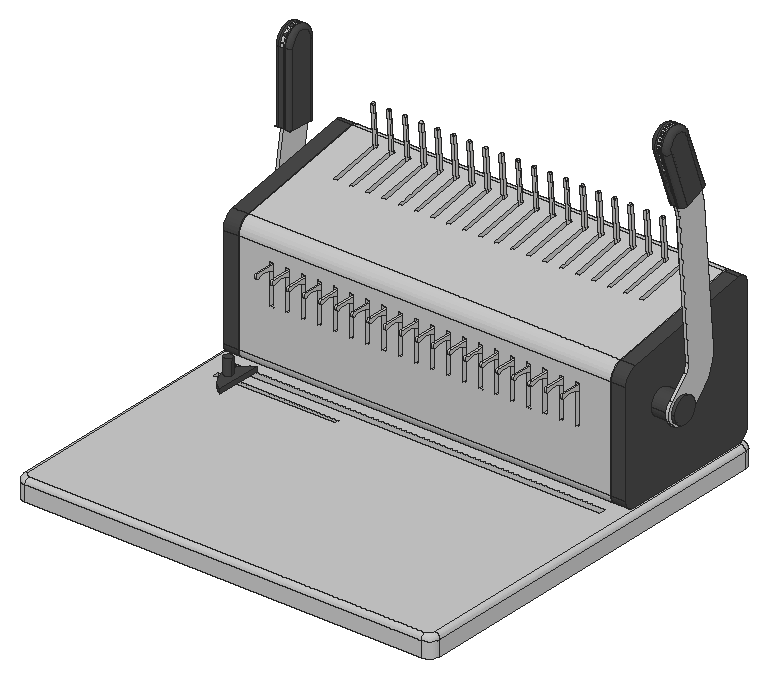
Revit family "Брошюровщик", category Оборудование, Revit 2017
Family settings
  Размер круглого соединителя = Использовать диаметр
  Тип детали = Нормальный
  На основе рабочей плоскости = Нет
  Всегда вертикально = Да
  При загрузке вырезать с полостями = Нет
  Общий = Нет
  Точка расчета площади = Нет
Parameters (values of type "Тип")
  Ширина = 400.0 mm
  Примечание = ""
  Обозначение = "B2125"
  Наименование = "Брошюровщик"
  Масса = "6"
  Код оборудования = ""
  Keynote = ""
  Изготовитель = "Severin"
  Завод = "Office Kit"
  Единицы = "шт."
  Model = ""
  Глубина = 440.0 mm
  Высота = 400.0 mm
Reference planes
  plane 1 "По центру (Вперед/Назад)": y = 0
  plane 2: z = 0
  plane 3 "По центру (Влево/Вправо)": x = 0
  plane 4: x = -207
  plane 5: x = 207
  plane 6: y = 200
  plane 7: y = -200
  plane 8: through (0, 180, 171.473) normal (0, 0.9962, 0.0872)
  plane 9: y = 50
  plane 10: through (4267.2, 82.903, 116.213) normal (0, -0.7071, 0.7071)
  plane 11: through (4267.2, 104.116, 95) normal (0, -0.7071, 0.7071)
  plane 12: z = 350
  plane 13: through (4267.2, 103.696, 137.006) normal (0, -0.9962, -0.0872)
  plane 14: through (4267.2, 133.581, 139.62) normal (0, -0.9962, -0.0872)
  plane 15: through (4267.2, 91.094, 281.043) normal (0, -0.9397, -0.342)
  plane 16: through (4267.2, 119.285, 291.304) normal (0, -0.9397, -0.342)
  plane 17: through (0, 126.373, 95.361) normal (0, -0.1736, -0.9848)
  plane 18: through (0, 126.373, 95.361) normal (0, 0.9848, -0.1736)
  plane 19: through (0, 155.917, 90.152) normal (0, 0.9848, -0.1736)
Forms (mm)
  Extrusion 1, solid, material "Металл окрашенный светло-серый"
    sketch origin (0, 0, 0) x (1, 0, 0) y (0, 1, 0)
      loop
        arc (-197, 200) -> (-204.071, 197.071) -> (-207, 190) r 10
        line (-207, 190) -> (-207, -190)
        arc (-207, -190) -> (-204.071, -197.071) -> (-197, -200) r 10
        line (-197, -200) -> (197, -200)
        arc (197, -200) -> (204.071, -197.071) -> (207, -190) r 10
        line (207, -190) -> (207, 190)
        arc (207, 190) -> (204.071, 197.071) -> (197, 200) r 10
        line (197, 200) -> (-197, 200)
    from 5 to 25
  Sweep 2, void
    path in 3D
      loop
        arc (207, 190, 25) -> (204.071, 197.071, 25) -> (197, 200, 25) r 10
        line (197, 200, 25) -> (-197, 200, 25)
        arc (-197, 200, 25) -> (-204.071, 197.071, 25) -> (-207, 190, 25) r 10
        line (-207, 190, 25) -> (-207, -190, 25)
        arc (-207, -190, 25) -> (-204.071, -197.071, 25) -> (-197, -200, 25) r 10
        line (-197, -200, 25) -> (197, -200, 25)
        arc (197, -200, 25) -> (204.071, -197.071, 25) -> (207, -190, 25) r 10
        line (207, -190, 25) -> (207, 190, 25)
    profile origin (207, 0, 25) x (-1, 0, 0) y (0, 0, 1)
      loop
        line (0, 0) -> (0, -5)
        arc (0, -5) -> (1.464, -1.464) -> (5, 0) r 5
        line (5, 0) -> (0, 0)
  Extrusion 3, solid
    sketch origin (0, 0, 0) x (1, 0, 0) y (0, 1, 0)
      loop
        circle (-182, 180) r 7.5
      loop
        circle (182, 180) r 7.5
      loop
        circle (-182, -180) r 7.5
      loop
        circle (182, -180) r 7.5
    from 0 to 5
  Extrusion 4, solid, material "Металл окрашенный светло-серый"
    sketch origin (0, 0, 0) x (0, 1, 0) y (0, 0, 1)
      loop
        line (200, 35) -> (200, 165.466)
        arc (200, 165.466) -> (197.142, 171.594) -> (190.611, 173.344) r 8
        line (190.611, 173.344) -> (62.395, 150.737)
        arc (62.395, 150.737) -> (53.509, 145.606) -> (50, 135.964) r 15
        line (50, 135.964) -> (50, 35)
        arc (50, 35) -> (52.929, 27.929) -> (60, 25) r 10
        line (60, 25) -> (190, 25)
        arc (190, 25) -> (197.071, 27.929) -> (200, 35) r 10
    from -185 to 185
  Extrusion 5, solid, material "Пластмасса, непрозрачная, черная"
    sketch origin (0, 0, 0) x (0, 1, 0) y (0, 0, 1)
      loop
        arc (62.395, 150.737) -> (53.509, 145.606) -> (50, 135.964) r 15
        line (50, 135.964) -> (50, 35)
        arc (50, 35) -> (52.929, 27.929) -> (60, 25) r 10
        line (60, 25) -> (190, 25)
        arc (190, 25) -> (197.071, 27.929) -> (200, 35) r 10
        line (200, 35) -> (200, 165.466)
        arc (200, 165.466) -> (197.142, 171.594) -> (190.611, 173.344) r 8
        line (190.611, 173.344) -> (62.395, 150.737)
    from 185 to 200
  Extrusion 6, solid, material "Пластмасса, непрозрачная, черная"
    sketch origin (0, 0, 0) x (0, 1, 0) y (0, 0, 1)
      loop
        arc (62.395, 150.737) -> (53.509, 145.606) -> (50, 135.964) r 15
        line (50, 135.964) -> (50, 35)
        arc (50, 35) -> (52.929, 27.929) -> (60, 25) r 10
        line (60, 25) -> (190, 25)
        arc (190, 25) -> (197.071, 27.929) -> (200, 35) r 10
        line (200, 35) -> (200, 165.466)
        arc (200, 165.466) -> (197.142, 171.594) -> (190.611, 173.344) r 8
        line (190.611, 173.344) -> (62.395, 150.737)
    from -185 to -200
  Extrusion 7, void
    sketch origin (0, 0, 0) x (1, 0, 0) y (0, 1, 0)
      loop
        line (6, 180) -> (6, 130) -> (10, 130) -> (10, 180) -> (6, 180)
      loop
        line (22, 180) -> (22, 130) -> (26, 130) -> (26, 180) -> (22, 180)
      loop
        line (38, 180) -> (38, 130) -> (42, 130) -> (42, 180) -> (38, 180)
      loop
        line (54, 180) -> (54, 130) -> (58, 130) -> (58, 180) -> (54, 180)
      loop
        line (70, 180) -> (70, 130) -> (74, 130) -> (74, 180) -> (70, 180)
      loop
        line (86, 180) -> (86, 130) -> (90, 130) -> (90, 180) -> (86, 180)
      loop
        line (102, 180) -> (102, 130) -> (106, 130) -> (106, 180) -> (102, 180)
      loop
        line (118, 180) -> (118, 130) -> (122, 130) -> (122, 180) -> (118, 180)
      loop
        line (134, 180) -> (134, 130) -> (138, 130) -> (138, 180) -> (134, 180)
      loop
        line (150, 180) -> (150, 130) -> (154, 130) -> (154, 180) -> (150, 180)
      loop
        line (-6, 180) -> (-10, 180) -> (-10, 130) -> (-6, 130) -> (-6, 180)
      loop
        line (-22, 180) -> (-26, 180) -> (-26, 130) -> (-22, 130) -> (-22, 180)
      loop
        line (-38, 180) -> (-42, 180) -> (-42, 130) -> (-38, 130) -> (-38, 180)
      loop
        line (-54, 180) -> (-58, 180) -> (-58, 130) -> (-54, 130) -> (-54, 180)
      loop
        line (-70, 180) -> (-74, 180) -> (-74, 130) -> (-70, 130) -> (-70, 180)
      loop
        line (-86, 180) -> (-90, 180) -> (-90, 130) -> (-86, 130) -> (-86, 180)
      loop
        line (-102, 180) -> (-106, 180) -> (-106, 130) -> (-102, 130) -> (-102, 180)
      loop
        line (-118, 180) -> (-122, 180) -> (-122, 130) -> (-118, 130) -> (-118, 180)
      loop
        line (-134, 180) -> (-138, 180) -> (-138, 130) -> (-134, 130) -> (-134, 180)
      loop
        line (-150, 180) -> (-154, 180) -> (-154, 130) -> (-150, 130) -> (-150, 180)
    from 100 to 200
  Extrusion 8, solid, material "Сталь, нержавеющая, шлифованная"
    sketch origin (0, 180, 171.473) x (0, 0.087156, -0.996195) y (-1, 0, 0)
      loop
        line (5.06, 153.5) -> (-38.5, 153.5)
        arc (-38.5, 153.5) -> (-39.991, 152.009) -> (-38.5, 150.518) r 1.491
        line (-38.5, 150.518) -> (5.06, 150.518) -> (5.06, 153.5)
      loop
        line (5.06, 137.5) -> (-38.5, 137.5)
        arc (-38.5, 137.5) -> (-39.991, 136.009) -> (-38.5, 134.518) r 1.491
        line (-38.5, 134.518) -> (5.06, 134.518) -> (5.06, 137.5)
      loop
        line (5.06, 121.5) -> (-38.5, 121.5)
        arc (-38.5, 121.5) -> (-39.991, 120.009) -> (-38.5, 118.518) r 1.491
        line (-38.5, 118.518) -> (5.06, 118.518) -> (5.06, 121.5)
      loop
        line (5.06, 105.5) -> (-38.5, 105.5)
        arc (-38.5, 105.5) -> (-39.991, 104.009) -> (-38.5, 102.518) r 1.491
        line (-38.5, 102.518) -> (5.06, 102.518) -> (5.06, 105.5)
      loop
        line (5.06, 89.5) -> (-38.5, 89.5)
        arc (-38.5, 89.5) -> (-39.991, 88.009) -> (-38.5, 86.518) r 1.491
        line (-38.5, 86.518) -> (5.06, 86.518) -> (5.06, 89.5)
      loop
        line (5.06, 73.5) -> (-38.5, 73.5)
        arc (-38.5, 73.5) -> (-39.991, 72.009) -> (-38.5, 70.518) r 1.491
        line (-38.5, 70.518) -> (5.06, 70.518) -> (5.06, 73.5)
      loop
        line (5.06, 57.5) -> (-38.5, 57.5)
        arc (-38.5, 57.5) -> (-39.991, 56.009) -> (-38.5, 54.518) r 1.491
        line (-38.5, 54.518) -> (5.06, 54.518) -> (5.06, 57.5)
      loop
        line (5.06, 41.5) -> (-38.5, 41.5)
        arc (-38.5, 41.5) -> (-39.991, 40.009) -> (-38.5, 38.518) r 1.491
        line (-38.5, 38.518) -> (5.06, 38.518) -> (5.06, 41.5)
      loop
        line (5.06, 25.5) -> (-38.5, 25.5)
        arc (-38.5, 25.5) -> (-39.991, 24.009) -> (-38.5, 22.518) r 1.491
        line (-38.5, 22.518) -> (5.06, 22.518) -> (5.06, 25.5)
      loop
        line (5.06, 9.5) -> (-38.5, 9.5)
        arc (-38.5, 9.5) -> (-39.991, 8.009) -> (-38.5, 6.518) r 1.491
        line (-38.5, 6.518) -> (5.06, 6.518) -> (5.06, 9.5)
      loop
        line (5.06, -6.5) -> (-38.5, -6.5)
        arc (-38.5, -6.5) -> (-39.991, -7.991) -> (-38.5, -9.482) r 1.491
        line (-38.5, -9.482) -> (5.06, -9.482) -> (5.06, -6.5)
      loop
        line (5.06, -22.5) -> (-38.5, -22.5)
        arc (-38.5, -22.5) -> (-39.991, -23.991) -> (-38.5, -25.482) r 1.491
        line (-38.5, -25.482) -> (5.06, -25.482) -> (5.06, -22.5)
      loop
        line (5.06, -38.5) -> (-38.5, -38.5)
        arc (-38.5, -38.5) -> (-39.991, -39.991) -> (-38.5, -41.482) r 1.491
        line (-38.5, -41.482) -> (5.06, -41.482) -> (5.06, -38.5)
      loop
        line (5.06, -54.5) -> (-38.5, -54.5)
        arc (-38.5, -54.5) -> (-39.991, -55.991) -> (-38.5, -57.482) r 1.491
        line (-38.5, -57.482) -> (5.06, -57.482) -> (5.06, -54.5)
      loop
        line (5.06, -70.5) -> (-38.5, -70.5)
        arc (-38.5, -70.5) -> (-39.991, -71.991) -> (-38.5, -73.482) r 1.491
        line (-38.5, -73.482) -> (5.06, -73.482) -> (5.06, -70.5)
      loop
        line (5.06, -86.5) -> (-38.5, -86.5)
        arc (-38.5, -86.5) -> (-39.991, -87.991) -> (-38.5, -89.482) r 1.491
        line (-38.5, -89.482) -> (5.06, -89.482) -> (5.06, -86.5)
      loop
        line (5.06, -102.5) -> (-38.5, -102.5)
        arc (-38.5, -102.5) -> (-39.991, -103.991) -> (-38.5, -105.482) r 1.491
        line (-38.5, -105.482) -> (5.06, -105.482) -> (5.06, -102.5)
      loop
        line (5.06, -118.5) -> (-38.5, -118.5)
        arc (-38.5, -118.5) -> (-39.991, -119.991) -> (-38.5, -121.482) r 1.491
        line (-38.5, -121.482) -> (5.06, -121.482) -> (5.06, -118.5)
      loop
        line (5.06, -134.5) -> (-38.5, -134.5)
        arc (-38.5, -134.5) -> (-39.991, -135.991) -> (-38.5, -137.482) r 1.491
        line (-38.5, -137.482) -> (5.06, -137.482) -> (5.06, -134.5)
      loop
        line (5.06, -150.5) -> (-38.5, -150.5)
        arc (-38.5, -150.5) -> (-39.991, -151.991) -> (-38.5, -153.482) r 1.491
        line (-38.5, -153.482) -> (5.06, -153.482) -> (5.06, -150.5)
    from 0 to -2
  Extrusion 9, void
    sketch origin (-462, 50, 1200) x (1, 0, 0) y (0, 0, 1)
      loop
        line (468, -1115) -> (472, -1115) -> (472, -1075) -> (468, -1075) -> (468, -1115)
      loop
        line (484, -1115) -> (488, -1115) -> (488, -1075) -> (484, -1075) -> (484, -1115)
      loop
        line (500, -1115) -> (504, -1115) -> (504, -1075) -> (500, -1075) -> (500, -1115)
      loop
        line (516, -1115) -> (520, -1115) -> (520, -1075) -> (516, -1075) -> (516, -1115)
      loop
        line (532, -1115) -> (536, -1115) -> (536, -1075) -> (532, -1075) -> (532, -1115)
      loop
        line (548, -1115) -> (552, -1115) -> (552, -1075) -> (548, -1075) -> (548, -1115)
      loop
        line (564, -1115) -> (568, -1115) -> (568, -1075) -> (564, -1075) -> (564, -1115)
      loop
        line (580, -1115) -> (584, -1115) -> (584, -1075) -> (580, -1075) -> (580, -1115)
      loop
        line (596, -1115) -> (600, -1115) -> (600, -1075) -> (596, -1075) -> (596, -1115)
      loop
        line (612, -1115) -> (616, -1115) -> (616, -1075) -> (612, -1075) -> (612, -1115)
      loop
        line (456, -1115) -> (456, -1075) -> (452, -1075) -> (452, -1115) -> (456, -1115)
      loop
        line (440, -1115) -> (440, -1075) -> (436, -1075) -> (436, -1115) -> (440, -1115)
      loop
        line (424, -1115) -> (424, -1075) -> (420, -1075) -> (420, -1115) -> (424, -1115)
      loop
        line (408, -1115) -> (408, -1075) -> (404, -1075) -> (404, -1115) -> (408, -1115)
      loop
        line (392, -1115) -> (392, -1075) -> (388, -1075) -> (388, -1115) -> (392, -1115)
      loop
        line (376, -1115) -> (376, -1075) -> (372, -1075) -> (372, -1115) -> (376, -1115)
      loop
        line (360, -1115) -> (360, -1075) -> (356, -1075) -> (356, -1115) -> (360, -1115)
      loop
        line (344, -1115) -> (344, -1075) -> (340, -1075) -> (340, -1115) -> (344, -1115)
      loop
        line (328, -1115) -> (328, -1075) -> (324, -1075) -> (324, -1115) -> (328, -1115)
      loop
        line (312, -1115) -> (312, -1075) -> (308, -1075) -> (308, -1115) -> (312, -1115)
    from 0 to -50
  Extrusion 10, solid, material "Сталь, нержавеющая, шлифованная"
    sketch origin (0, 0, 0) x (0, 1, 0) y (0, 0, 1)
      loop
        line (100, 122) -> (32, 122)
        arc (32, 122) -> (30.053, 119.68) -> (32.676, 118.165) r 1.977
        arc (32.676, 118.165) -> (44.219, 119.112) -> (54.635, 114.046) r 21.929
        line (54.635, 114.046) -> (100, 114.046) -> (100, 122)
    from 7 to 9
  Extrusion 11, solid, material "Сталь, нержавеющая, шлифованная"
    sketch origin (16, 0, 0) x (0, 1, 0) y (0, 0, 1)
      loop
        line (100, 122) -> (32, 122)
        arc (32, 122) -> (30.053, 119.68) -> (32.676, 118.165) r 1.977
        arc (32.676, 118.165) -> (44.219, 119.112) -> (54.635, 114.046) r 21.929
        line (54.635, 114.046) -> (100, 114.046) -> (100, 122)
    from 7 to 9
  Extrusion 12, solid, material "Сталь, нержавеющая, шлифованная"
    sketch origin (32, 0, 0) x (0, 1, 0) y (0, 0, 1)
      loop
        line (100, 122) -> (32, 122)
        arc (32, 122) -> (30.053, 119.68) -> (32.676, 118.165) r 1.977
        arc (32.676, 118.165) -> (44.219, 119.112) -> (54.635, 114.046) r 21.929
        line (54.635, 114.046) -> (100, 114.046) -> (100, 122)
    from 7 to 9
  Extrusion 13, solid, material "Сталь, нержавеющая, шлифованная"
    sketch origin (48, 0, 0) x (0, 1, 0) y (0, 0, 1)
      loop
        line (100, 122) -> (32, 122)
        arc (32, 122) -> (30.053, 119.68) -> (32.676, 118.165) r 1.977
        arc (32.676, 118.165) -> (44.219, 119.112) -> (54.635, 114.046) r 21.929
        line (54.635, 114.046) -> (100, 114.046) -> (100, 122)
    from 7 to 9
  Extrusion 14, solid, material "Сталь, нержавеющая, шлифованная"
    sketch origin (64, 0, 0) x (0, 1, 0) y (0, 0, 1)
      loop
        line (100, 122) -> (32, 122)
        arc (32, 122) -> (30.053, 119.68) -> (32.676, 118.165) r 1.977
        arc (32.676, 118.165) -> (44.219, 119.112) -> (54.635, 114.046) r 21.929
        line (54.635, 114.046) -> (100, 114.046) -> (100, 122)
    from 7 to 9
  Extrusion 15, solid, material "Сталь, нержавеющая, шлифованная"
    sketch origin (80, 0, 0) x (0, 1, 0) y (0, 0, 1)
      loop
        line (100, 122) -> (32, 122)
        arc (32, 122) -> (30.053, 119.68) -> (32.676, 118.165) r 1.977
        arc (32.676, 118.165) -> (44.219, 119.112) -> (54.635, 114.046) r 21.929
        line (54.635, 114.046) -> (100, 114.046) -> (100, 122)
    from 7 to 9
  Extrusion 16, solid, material "Сталь, нержавеющая, шлифованная"
    sketch origin (96, 0, 0) x (0, 1, 0) y (0, 0, 1)
      loop
        line (100, 122) -> (32, 122)
        arc (32, 122) -> (30.053, 119.68) -> (32.676, 118.165) r 1.977
        arc (32.676, 118.165) -> (44.219, 119.112) -> (54.635, 114.046) r 21.929
        line (54.635, 114.046) -> (100, 114.046) -> (100, 122)
    from 7 to 9
  Extrusion 17, solid, material "Сталь, нержавеющая, шлифованная"
    sketch origin (112, 0, 0) x (0, 1, 0) y (0, 0, 1)
      loop
        line (100, 122) -> (32, 122)
        arc (32, 122) -> (30.053, 119.68) -> (32.676, 118.165) r 1.977
        arc (32.676, 118.165) -> (44.219, 119.112) -> (54.635, 114.046) r 21.929
        line (54.635, 114.046) -> (100, 114.046) -> (100, 122)
    from 7 to 9
  Extrusion 18, solid, material "Сталь, нержавеющая, шлифованная"
    sketch origin (128, 0, 0) x (0, 1, 0) y (0, 0, 1)
      loop
        line (100, 122) -> (32, 122)
        arc (32, 122) -> (30.053, 119.68) -> (32.676, 118.165) r 1.977
        arc (32.676, 118.165) -> (44.219, 119.112) -> (54.635, 114.046) r 21.929
        line (54.635, 114.046) -> (100, 114.046) -> (100, 122)
    from 7 to 9
  Extrusion 19, solid, material "Сталь, нержавеющая, шлифованная"
    sketch origin (144, 0, 0) x (0, 1, 0) y (0, 0, 1)
      loop
        line (100, 122) -> (32, 122)
        arc (32, 122) -> (30.053, 119.68) -> (32.676, 118.165) r 1.977
        arc (32.676, 118.165) -> (44.219, 119.112) -> (54.635, 114.046) r 21.929
        line (54.635, 114.046) -> (100, 114.046) -> (100, 122)
    from 7 to 9
  Extrusion 20, solid, material "Сталь, нержавеющая, шлифованная"
    sketch origin (0, 0, 0) x (0, 1, 0) y (0, 0, -1)
      loop
        line (100, -122) -> (100, -114.046) -> (54.635, -114.046)
        arc (54.635, -114.046) -> (44.219, -119.112) -> (32.676, -118.165) r 21.929
        arc (32.676, -118.165) -> (30.053, -119.68) -> (32, -122) r 1.977
        line (32, -122) -> (100, -122)
    from 7 to 9
  Extrusion 21, solid, material "Сталь, нержавеющая, шлифованная"
    sketch origin (-16, 0, 0) x (0, 1, 0) y (0, 0, -1)
      loop
        line (100, -122) -> (100, -114.046) -> (54.635, -114.046)
        arc (54.635, -114.046) -> (44.219, -119.112) -> (32.676, -118.165) r 21.929
        arc (32.676, -118.165) -> (30.053, -119.68) -> (32, -122) r 1.977
        line (32, -122) -> (100, -122)
    from 7 to 9
  Extrusion 22, solid, material "Сталь, нержавеющая, шлифованная"
    sketch origin (-32, 0, 0) x (0, 1, 0) y (0, 0, -1)
      loop
        line (100, -122) -> (100, -114.046) -> (54.635, -114.046)
        arc (54.635, -114.046) -> (44.219, -119.112) -> (32.676, -118.165) r 21.929
        arc (32.676, -118.165) -> (30.053, -119.68) -> (32, -122) r 1.977
        line (32, -122) -> (100, -122)
    from 7 to 9
  Extrusion 23, solid, material "Сталь, нержавеющая, шлифованная"
    sketch origin (-48, 0, 0) x (0, 1, 0) y (0, 0, -1)
      loop
        line (100, -122) -> (100, -114.046) -> (54.635, -114.046)
        arc (54.635, -114.046) -> (44.219, -119.112) -> (32.676, -118.165) r 21.929
        arc (32.676, -118.165) -> (30.053, -119.68) -> (32, -122) r 1.977
        line (32, -122) -> (100, -122)
    from 7 to 9
  Extrusion 24, solid, material "Сталь, нержавеющая, шлифованная"
    sketch origin (-64, 0, 0) x (0, 1, 0) y (0, 0, -1)
      loop
        line (100, -122) -> (100, -114.046) -> (54.635, -114.046)
        arc (54.635, -114.046) -> (44.219, -119.112) -> (32.676, -118.165) r 21.929
        arc (32.676, -118.165) -> (30.053, -119.68) -> (32, -122) r 1.977
        line (32, -122) -> (100, -122)
    from 7 to 9
  Extrusion 25, solid, material "Сталь, нержавеющая, шлифованная"
    sketch origin (-80, 0, 0) x (0, 1, 0) y (0, 0, -1)
      loop
        line (100, -122) -> (100, -114.046) -> (54.635, -114.046)
        arc (54.635, -114.046) -> (44.219, -119.112) -> (32.676, -118.165) r 21.929
        arc (32.676, -118.165) -> (30.053, -119.68) -> (32, -122) r 1.977
        line (32, -122) -> (100, -122)
    from 7 to 9
  Extrusion 26, solid, material "Сталь, нержавеющая, шлифованная"
    sketch origin (-96, 0, 0) x (0, 1, 0) y (0, 0, -1)
      loop
        line (100, -122) -> (100, -114.046) -> (54.635, -114.046)
        arc (54.635, -114.046) -> (44.219, -119.112) -> (32.676, -118.165) r 21.929
        arc (32.676, -118.165) -> (30.053, -119.68) -> (32, -122) r 1.977
        line (32, -122) -> (100, -122)
    from 7 to 9
  Extrusion 27, solid, material "Сталь, нержавеющая, шлифованная"
    sketch origin (-112, 0, 0) x (0, 1, 0) y (0, 0, -1)
      loop
        line (100, -122) -> (100, -114.046) -> (54.635, -114.046)
        arc (54.635, -114.046) -> (44.219, -119.112) -> (32.676, -118.165) r 21.929
        arc (32.676, -118.165) -> (30.053, -119.68) -> (32, -122) r 1.977
        line (32, -122) -> (100, -122)
    from 7 to 9
  Extrusion 28, solid, material "Сталь, нержавеющая, шлифованная"
    sketch origin (-128, 0, 0) x (0, 1, 0) y (0, 0, -1)
      loop
        line (100, -122) -> (100, -114.046) -> (54.635, -114.046)
        arc (54.635, -114.046) -> (44.219, -119.112) -> (32.676, -118.165) r 21.929
        arc (32.676, -118.165) -> (30.053, -119.68) -> (32, -122) r 1.977
        line (32, -122) -> (100, -122)
    from 7 to 9
  Extrusion 29, solid, material "Сталь, нержавеющая, шлифованная"
    sketch origin (-144, 0, 0) x (0, 1, 0) y (0, 0, -1)
      loop
        line (100, -122) -> (100, -114.046) -> (54.635, -114.046)
        arc (54.635, -114.046) -> (44.219, -119.112) -> (32.676, -118.165) r 21.929
        arc (32.676, -118.165) -> (30.053, -119.68) -> (32, -122) r 1.977
        line (32, -122) -> (100, -122)
    from 7 to 9
  Extrusion 30, void
    sketch origin (0, 0, 0) x (1, 0, 0) y (0, 1, 0)
      loop
        line (-185, 45) -> (-185, 37) -> (185, 37) -> (185, 45) -> (-185, 45)
    from 15 to 25
  Extrusion 31, solid, material "Пластмасса, непрозрачная, черная"
    sketch origin (0, 0, 0) x (1, 0, 0) y (0, 1, 0)
      loop
        arc (-163, 45) -> (-177.103, 22.5) -> (-163, 0) r 25
        line (-163, 0) -> (-163, 45)
    from 25 to 30
  Extrusion 32, solid, material "Пластмасса, непрозрачная, черная"
    sketch origin (0, 0, 0) x (1, 0, 0) y (0, 1, 0)
      loop
        circle (-173.103, 22.5) r 4
    from 30 to 45
  Extrusion 33, void
    sketch origin (0, 0, 0) x (1, 0, 0) y (0, 1, 0)
      loop
        line (-185, 25) -> (-185, 20) -> (-65, 20) -> (-65, 25) -> (-185, 25)
    from 15 to 25
  Extrusion 34, solid, material "Пластмасса, непрозрачная, черная"
    sketch origin (207, 200, 0) x (0, -1, 0) y (0, 0, -1)
      loop
        circle (106.491, -105.606) r 12.5
    from -7 to 17
  Extrusion 35, solid, material "Металл окрашенный светло-серый"
    sketch origin (207, 500, 1200) x (0, 1, 0) y (0, 0, 1)
      loop
        arc (-417.097, -1083.787) -> (-417.097, -1105) -> (-395.884, -1105) r 15
        line (-395.884, -1105) -> (-377.913, -1087.029)
        arc (-377.913, -1087.029) -> (-368.945, -1072.952) -> (-366.766, -1056.404) r 38.558
        line (-366.766, -1056.404) -> (-378.447, -922.9)
        arc (-378.447, -922.9) -> (-380.038, -912.557) -> (-382.967, -902.51) r 80
        line (-382.967, -902.51) -> (-403.254, -846.771)
        arc (-403.254, -846.771) -> (-422.48, -837.806) -> (-431.445, -857.032) r 15
        line (-431.445, -857.032) -> (-411.157, -912.771)
        arc (-411.157, -912.771) -> (-409.327, -919.05) -> (-408.332, -925.514) r 50
        line (-408.332, -925.514) -> (-396.711, -1058.349)
        arc (-396.711, -1058.349) -> (-397.276, -1062.641) -> (-399.602, -1066.292) r 10
        line (-399.602, -1066.292) -> (-417.097, -1083.787)
    from 10 to 13
  Extrusion 36, solid, material "Пластмасса, непрозрачная, черная"
    sketch origin (207, 500, 1200) x (0, 1, 0) y (0, 0, 1)
      loop
        line (-411.157, -912.771) -> (-382.967, -902.51) -> (-403.254, -846.771)
        arc (-403.254, -846.771) -> (-422.48, -837.806) -> (-431.445, -857.032) r 15
        line (-431.445, -857.032) -> (-411.157, -912.771)
    from 3 to 20
  Sweep 37, void
    path in 3D
      loop
        line (227, 117.033, 297.49) -> (227, 96.746, 353.229)
        arc (227, 96.746, 353.229) -> (227, 77.52, 362.194) -> (227, 68.555, 342.968) r 15
        line (227, 68.555, 342.968) -> (227, 88.843, 287.229)
    profile origin (227, 106.89, 325.359) x (0, -0.939693, -0.34202) y (1, 0, 0)
      loop
        line (0, 0) -> (0, -5)
        arc (0, -5) -> (1.464, -1.464) -> (5, 0) r 5
        line (5, 0) -> (0, 0)
  Sweep 38, void
    path in 3D
      loop
        line (210, 117.033, 297.49) -> (210, 96.746, 353.229)
        arc (210, 96.746, 353.229) -> (210, 77.52, 362.194) -> (210, 68.555, 342.968) r 15
        line (210, 68.555, 342.968) -> (210, 88.843, 287.229)
    profile origin (210, 106.89, 325.359) x (0, 0.939693, 0.34202) y (-1, 0, 0)
      loop
        line (0, 0) -> (-5, 0)
        arc (-5, 0) -> (-1.464, -1.464) -> (0, -5) r 5
        line (0, -5) -> (0, 0)
  Extrusion 39, solid, material "Пластмасса, непрозрачная, черная"
    sketch origin (-207, 500, 1200) x (0, 1, 0) y (0, 0, 1)
      loop
        circle (-358.855, -1107.243) r 12.5
    from 7 to -12
  Extrusion 40, solid, material "Металл окрашенный светло-серый"
    sketch origin (-207, 500, 1200) x (0, 1, 0) y (0, 0, 1)
      loop
        line (-328.455, -1021.215) -> (-328.455, -946.215)
        arc (-328.455, -946.215) -> (-343.455, -931.215) -> (-358.455, -946.215) r 15
        line (-358.455, -946.215) -> (-358.455, -1018.591) -> (-373.627, -1104.639)
        arc (-373.627, -1104.639) -> (-361.46, -1122.015) -> (-344.083, -1109.848) r 15
        line (-344.083, -1109.848) -> (-328.455, -1021.215)
    from -9 to -6
  Extrusion 41, solid, material "Пластмасса, непрозрачная, черная"
    sketch origin (-207, 500, 1200) x (0, 1, 0) y (0, 0, 1)
      loop
        line (-328.455, -1021.215) -> (-328.455, -946.215)
        arc (-328.455, -946.215) -> (-343.455, -931.215) -> (-358.455, -946.215) r 15
        line (-358.455, -946.215) -> (-358.455, -1018.591) -> (-328.455, -1021.215)
    from 0 to -15
  Sweep 42, void
    path in 3D
      loop
        line (-222, 141.545, 181.409) -> (-222, 141.545, 253.785)
        arc (-222, 141.545, 253.785) -> (-222, 156.545, 268.785) -> (-222, 171.545, 253.785) r 15
        line (-222, 171.545, 253.785) -> (-222, 171.545, 178.785)
    profile origin (-222, 141.545, 217.597) x (0, 1, 0) y (-1, 0, 0)
      loop
        line (0, 0) -> (0, -4)
        arc (0, -4) -> (1.172, -1.172) -> (4, 0) r 4
        line (4, 0) -> (0, 0)
  Sweep 43, void
    path in 3D
      loop
        line (-207, 141.545, 181.409) -> (-207, 141.545, 253.785)
        arc (-207, 141.545, 253.785) -> (-207, 156.545, 268.785) -> (-207, 171.545, 253.785) r 15
        line (-207, 171.545, 253.785) -> (-207, 171.545, 178.785)
    profile origin (-207, 141.545, 217.597) x (0, -1, 0) y (1, 0, 0)
      loop
        line (0, 0) -> (-4, 0)
        arc (-4, 0) -> (-1.172, -1.172) -> (0, -4) r 4
        line (0, -4) -> (0, 0)
Cuts and joins
  Sweep 2, Extrusion 30, Extrusion 33 cuts Extrusion 1
  Extrusion 7, Extrusion 9 cuts Extrusion 4
  Extrusion 33 cuts Extrusion 31
  Sweep 37, Sweep 38 cuts Extrusion 36
  Sweep 42, Sweep 43 cuts Extrusion 41
Lines and regions (mm)
  Split face 1
    outline origin (185, 190.611, 173.344) x (-1, 0, 0) y (0, -0.984808, -0.173648)
      loop
        arc (342, 8) -> (344.121, 8.879) -> (345, 11) r 3
        line (345, 11) -> (345, 80)
        arc (345, 80) -> (344.121, 82.121) -> (342, 83) r 3
        line (342, 83) -> (28, 83)
        arc (28, 83) -> (25.879, 82.121) -> (25, 80) r 3
        line (25, 80) -> (25, 11)
        arc (25, 11) -> (25.879, 8.879) -> (28, 8) r 3
        line (28, 8) -> (342, 8)
  sketch lines
    curve 1: line (207, -190, 25) -> (207, 190, 25)
    curve 2: arc (197, 200, 25) -> (204.071, 197.071, 25) -> (207, 190, 25) r 10
    curve 3: line (197, 200, 25) -> (-197, 200, 25)
    curve 4: arc (-207, 190, 25) -> (-204.071, 197.071, 25) -> (-197, 200, 25) r 10
    curve 5: line (-207, 190, 25) -> (-207, -190, 25)
    curve 6: arc (-197, -200, 25) -> (-204.071, -197.071, 25) -> (-207, -190, 25) r 10
    curve 7: line (-197, -200, 25) -> (197, -200, 25)
    curve 8: arc (207, -190, 25) -> (204.071, -197.071, 25) -> (197, -200, 25) r 10
    curve 9: line (227, 117.033, 297.49) -> (227, 96.746, 353.229)
    curve 10: arc (227, 68.555, 342.968) -> (227, 77.52, 362.194) -> (227, 96.746, 353.229) r 15
    curve 11: line (227, 68.555, 342.968) -> (227, 88.843, 287.229)
    curve 12: line (210, 117.033, 297.49) -> (210, 96.746, 353.229)
    curve 13: arc (210, 68.555, 342.968) -> (210, 77.52, 362.194) -> (210, 96.746, 353.229) r 15
    curve 14: line (210, 68.555, 342.968) -> (210, 88.843, 287.229)
    curve 15: line (-222, 141.545, 181.409) -> (-222, 141.545, 253.785)
    curve 16: arc (-222, 171.545, 253.785) -> (-222, 156.545, 268.785) -> (-222, 141.545, 253.785) r 15
    curve 17: line (-222, 171.545, 253.785) -> (-222, 171.545, 178.785)
    curve 18: line (-207, 141.545, 181.409) -> (-207, 141.545, 253.785)
    curve 19: arc (-207, 171.545, 253.785) -> (-207, 156.545, 268.785) -> (-207, 141.545, 253.785) r 15
    curve 20: line (-207, 171.545, 253.785) -> (-207, 171.545, 178.785)
Dimensions and locks
  aligned and locked: level to plane 2
